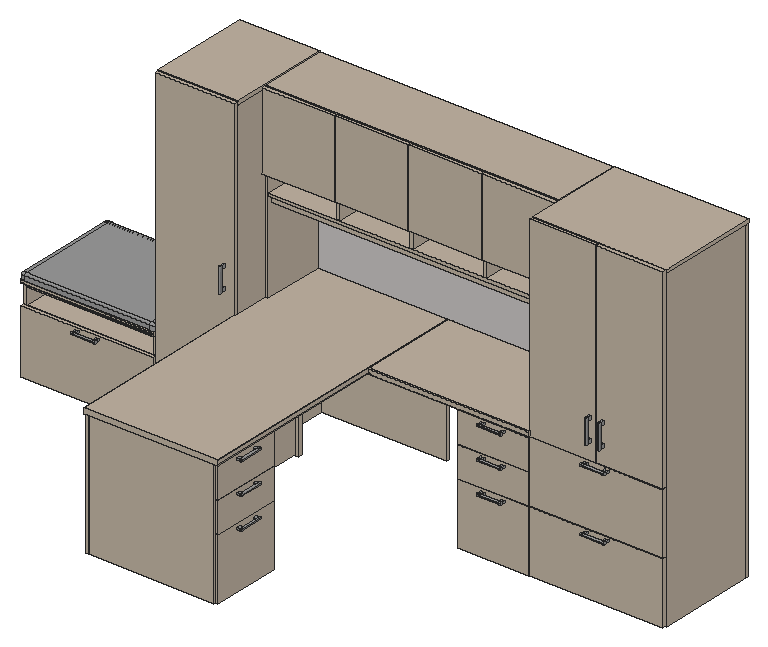
Revit family "JSI-Vision-Typical_Laminate-VST103", category Furniture, Revit 2020
Family settings
  OmniClass Number = 23.40.20.00
  OmniClass Title = General Furniture and Specialties
  Work Plane-Based = No
  Always vertical = Yes
  Cut with Voids When Loaded = No
  Shared = No
  Room Calculation Point = No
Parameters (values of type "VST103")
  URL = "www.jsifurniture.com"
  Type Comments = "Typical Laminate"  # constant formula
  Model = "VST103"
  Manufacturer = "JSI"  # constant formula
  Keynote = "12500"
  Default Elevation = 0.000 ft
  Assembly Code = "E2020200"
Reference planes (ft)
  plane 1 "Center Front/Back": y = 0
  plane 2: z = 0
  plane 3 "Center Left/Right": x = 0
Dimensions and locks (ft)
  aligned and locked: level to plane 2
Nested families (ft)
  nested 1: "JSI-Vision-Wardrobe" at (2.500317, 0, 0), type "VST2418-72WL, Laminate 72" H Wdrb 24" x 30" - 1 Door"
    with Vertical Partition no, Top-Right Shelve no, Width 1.500 ft, Unit Centre 0.744792 ft, Shelve Width 0.651042 ft, Right surface Dist. to Vertical Partition 0.0625 ft, Right Door no, Pull Distance 1.270833 ft, Left Shelves no, Height 6.000 ft, Hanging Bar Distance 0.5625 ft, Door Width 1.479167 ft, Bottom-Right Shelves yes, Adjustable Shelves Array Distance 1.1625 ft, Actual Width 1.489583 ft, Actual Height 5.973958 ft, # of Adjustable Shelves 4
  nested 2: "JSI-Vision-Bench_Height_Cushion" at (0.000317, 0, 0.008592), type "VSB2430CUSH, 24d Bench H Cushion, 30 W"
    with Width 2.500 ft
  nested 3: "JSI-Vision-Tackboard_Overhead_with_Cubbies" at (3.989901, 0.026042, -0.380208), type "VSB6620TKC, Tackboard for Overhead Front with Cubbies"
    with Width 5.34375 ft, Height 1.625 ft
  nested 4: "JSI-Vision-Modular_Box_Box_File_Pedestal" at (8.146484, -0.022125, 0), type "VST1624MBBF, Laminate Modular BBF Ped"
    with Ped Width 1.333 ft, Ped Height 2.333 ft, Ped Depth 2.000 ft
  nested 5: "JSI-Vision-Overhead_Cabinets_with_Cubbies" at (3.984692, 0, -0.067708), type "VST1666SOC, Laminate OH Cab. 16" x 66", 4 Doors w Cub"
    with Verticall Partition Distance 2.734375 ft, Unit Centre 2.750 ft, Width 5.500 ft, Door Width Actual 1.359375 ft, Door Array Spacing 1.369792 ft, Door Width 1.359375 ft, Bottom Partition Array Start Distance 1.364583 ft, Bottom Partition Array Space 1.333333 ft, Bottom Partition Array Distance 1.369792 ft, # of bottom Partition 3, # of Doors 4
  nested 6: "JSI-Vision-File_File_Lateral_Storage_Cabinet" at (9.489901, 0, 0), type "VST2430-72FFT, Laminate 72" H Lat File Strg Cab 24" x 30""
    with Width 2.500 ft, Unit Centre 1.250 ft, Shelve Width 2.375 ft, Drawer Pull Distance(Right) 0.619792 ft, Drawer Pull Distance(Left) 0.619792 ft, Height 6.000 ft, Door Width 1.239583 ft, Adjustable Shelves Array Distance 1.199653 ft, Actual Height 5.973958 ft, # of Adjustable Shelves 3
  nested 7: "JSI-Vision-Single_Pedestal_Desk-Break_Front_Modesty" at (4.885734, -2.505072, 0) x (0, 1, 0) z (0, 0, 1), type "VST3066LD, Laminate 30 x 66 Left Ped Desk, Brk Frnt Modesty"
    with Height 2.43225 ft
  nested 8: "JSI-Vision-Modular_Bridge_Top" at (9.495245, -0.90625, -0.067708), type "VST3624MCT, Laminate 36 x 24 Modular Return/ Bridge Top"
    with Depth 2.000 ft
  nested 9: "JSI-Vision-Open_Shelf_File_Modular_Bench_Pedestal" at (0.000317, -0.010417, 0), type "VSTB2430MOF, Laminate OF Modular Bench H Ped"
    with Width 2.500 ft, Height 1.562 ft, Depth 2.000 ft
  nested 10: "JSI-Vision-Bench_Height_Modular_Top" at (0.000317, -0.010417, -0.053908), type "VSTB2430MT, Laminate Mod Bench H Top, 24" x 30""
    with Width 2.500 ft, Depth 2.000 ft
  nested 11: "JSI-Vision-Modular_Full_Height_Back_Modular_Pedestal" at (8.156901, -0.010417, 0), type "VST1628MPBK, Modular Full Height Back Panel for Modular Pedestal- Laminate"
Definition of nested family "JSI-Vision-Wardrobe"
  Parameters (values of type "Type Catalog")
    Vertical Partition = yes
    Top-Right Shelve = yes
    Top = none
    Width = 3.000 ft
    Unit Centre = Actual Width / 2  # 1.494792 ft
    URL = "www.jsifurniture.com"
    Type Comments = ""
    Tag = "Storage/Wardrobe"
    Shelve Width = (Actual Width - 0.1875 ft) / 2  # 1.401042 ft
    Shelve Depth = Depth - 0.234375 ft  # 1.765625 ft
    Series = "Vision Casegoods"  # constant formula
    Right surface Dist. to Vertical Partition = if(Vertical Partition, (Unit Centre + 0.03125 ft), 0.0625 ft)  # 1.526042 ft
    Right Door = yes
    Pull Finish = none
    Pull Distance = Door Width - 0.208333 ft  # 1.276042 ft
    Model = "Type Catalog"
    Material = ""
    Manufacturer = "JSI"  # constant formula
    Left Shelves = yes
    Left Door = yes
    Keynote = "12500"
    JSI Enviromental Website = "http://www.jsifurniture.com/jsi_sustainability_intro.php"
    Height = 7.000 ft
    Hanging Bar Distance = if(Height > 6.000 ft, (Adjustable Shelves Array Distance + 0.5625 ft), 0.5625 ft)  # 1.697917 ft
    Door Width = if(Vertical Partition, ((Actual Width - (0.020833 ft)) / 2), (Actual Width - 0.010417 ft))  # 1.484375 ft
    Door Front = none
    Description = "Type Catalog"
    Depth = 2.000 ft
    Default Elevation = 0.000 ft
    Chassis = none
    Bottom-Right Shelves = no
    Assembly Code = "E2020200"
    Adjustable Shelves Array Distance = (Actual Height - 0.161458 ft) / (# of Adjustable Shelves + 1)  # 1.135417 ft
    Actual Width = Width - 0.010417 ft  # 2.989583 ft
    Actual Height = if(Height > 4.500 ft, (Height - 0.026042 ft), (if(Height > 3.500 ft, (Height + 0.09375 ft), if(Height > 2.500 ft, (Height - 0.03125 ft), (Height - 0.067708 ft)))))  # 6.973958 ft
    # of Adjustable Shelves = if(Height > 6.000 ft, 5, 4)  # 5
  Reference planes (ft)
    plane 1 "Center Front/Back": y = 0
    plane 2: z = 0
    plane 3 "Center Left/Right": x = 0
    plane 4: z = 0
    plane 5: x = 2.989583
    plane 6: y = -0.010417
    plane 7: y = -1.916667
    plane 8: z = 6.973958
    plane 9: y = -0.072917
    plane 10: y = -1.901042
    plane 11: y = -1.838542
    plane 12: x = 0.0625
    plane 13: x = 2.927083
    plane 14: z = 0.098958
    plane 15: z = 0.161458
    plane 16: z = 6.911458
    plane 17: z = 6.942708
    plane 18: z = 1.265625
    plane 19: z = 2.401042
    plane 20: z = 3.536458
    plane 21: z = 4.671875
    plane 22: z = 5.807292
    plane 23: z = 5.838542
    plane 24: z = 5.776042
    plane 25: z = 4.703125
    plane 26: z = 4.640625
    plane 27: z = 3.567708
    plane 28: z = 3.505208
    plane 29: z = 2.432292
    plane 30: z = 2.369792
    plane 31: z = 1.296875
    plane 32: z = 1.234375
    plane 33: x = 1.494792
    plane 34: x = 0.005208
    plane 35: x = 2.984375
    plane 36: x = 1.5
    plane 37: x = 1.489583
    plane 38: z = 0.010417
    plane 39: y = -1.927083
    plane 40: y = -1.989583
    plane 41: z = 0.130208
    plane 42: x = 1.526042
    plane 43: x = 1.463542
    plane 44: y = -2
    plane 45: z = 6.96875
    plane 46: z = 5.276042
    plane 47: y = -0.963542
    plane 48: z = 3.486979
    plane 49: x = 1.708333
    plane 50: x = 1.28125
    plane 51: z = 1.692708
    plane 52: z = 1.630208
    plane 53: x = 1.526042
  Forms (ft)
    Extrusion 1, solid, material <- "Chassis"
      sketch origin (0, 0, 0) x (1, 0, 0) y (0, 1, 0)
        loop
          line (0, -0.010417) -> (0, -0.072917) -> (2.989583, -0.072917) -> (2.989583, -0.010417) -> (0, -0.010417)
      from 0 to 6.911458
    Extrusion 2, solid, material <- "Chassis"
      sketch origin (0, 0, 0) x (1, 0, 0) y (0, 1, 0)
        loop
          line (0, -0.072917) -> (0, -1.916667) -> (0.0625, -1.916667) -> (0.0625, -0.072917) -> (0, -0.072917)
      from 0 to 6.911458
    Extrusion 3, solid, material <- "Chassis"
      sketch origin (0, 0, 0) x (1, 0, 0) y (0, 1, 0)
        loop
          line (2.927083, -0.072917) -> (2.927083, -1.916667) -> (2.989583, -1.916667) -> (2.989583, -0.072917) -> (2.927083, -0.072917)
      from 0 to 6.911458
    Extrusion 4, solid, material <- "Top"
      sketch origin (0, 0, 0) x (0, 1, 0) y (0, 0, 1)
        loop
          line (-0.010417, 6.973958) -> (-1.916667, 6.973958) -> (-1.916667, 6.911458) -> (-0.010417, 6.911458) -> (-0.010417, 6.973958)
      from 0 to 2.989583
    Extrusion 5, solid, material <- "Chassis"
      sketch origin (0, 0, 0) x (0, 1, 0) y (0, 0, 1)
        loop
          line (-0.072917, 0.161458) -> (-1.838542, 0.161458) -> (-1.838542, 0.098958) -> (-0.072917, 0.098958) -> (-0.072917, 0.161458)
      from 0.0625 to 2.927083
    Extrusion 6, solid, material <- "Chassis"
      sketch origin (0, 0, 0) x (0, 1, 0) y (0, 0, 1)
        loop
          line (-1.838542, 0.161458) -> (-1.901042, 0.161458) -> (-1.901042, 0) -> (-1.838542, 0) -> (-1.838542, 0.161458)
      from 0.0625 to 2.927083
    Extrusion 7, solid, material <- "Door Front", visible <- "Left Door"
      sketch origin (0, 0, 0) x (1, 0, 0) y (0, 1, 0)
        loop
          line (0.005208, -1.927083) -> (0.005208, -1.989583) -> (1.489583, -1.989583) -> (1.489583, -1.927083) -> (0.005208, -1.927083)
      from 0.010417 to 6.96875
    Extrusion 8, solid, material <- "Door Front", visible <- "Right Door"
      sketch origin (0, 0, 0) x (1, 0, 0) y (0, 1, 0)
        loop
          line (1.5, -1.927083) -> (1.5, -1.989583) -> (2.984375, -1.989583) -> (2.984375, -1.927083) -> (1.5, -1.927083)
      from 0.010417 to 6.96875
    Extrusion 9, solid, material <- "Chassis", visible <- "Vertical Partition"
      sketch origin (0, 0, 0) x (1, 0, 0) y (0, 1, 0)
        loop
          line (1.463542, -0.072917) -> (1.463542, -1.916667) -> (1.526042, -1.916667) -> (1.526042, -0.072917) -> (1.463542, -0.072917)
      from 0.161458 to 6.911458
    Extrusion 10, solid, material <- "Chassis", visible <- "Left Shelves"
      sketch origin (0, 0, 0) x (0, 1, 0) y (0, 0, 1)
        loop
          line (-0.072917, 1.296875) -> (-1.838542, 1.296875) -> (-1.838542, 1.234375) -> (-0.072917, 1.234375) -> (-0.072917, 1.296875)
      from 0.0625 to 1.463542
    Extrusion 11, solid, material <- "Chassis", visible <- "Top-Right Shelve"
      sketch origin (0, 0, 0) x (0, 1, 0) y (0, 0, 1)
        loop
          line (-0.072917, 5.838542) -> (-1.838542, 5.838542) -> (-1.838542, 5.776042) -> (-0.072917, 5.776042) -> (-0.072917, 5.838542)
      from 1.526042 to 2.927083
    Extrusion 12, solid, material <- "Pull Finish"
      sketch origin (0, 0, 0) x (0, 1, 0) y (0, 0, 1)
        loop
          circle (-0.963542, 5.276042) r 0.041667
      from 1.526042 to 2.927083
    Extrusion 13, solid, material <- "Chassis", visible <- "Left Shelves"
      sketch origin (0, 0, 1.135417) x (0, 1, 0) y (0, 0, 1)
        loop
          line (-0.072917, 1.296875) -> (-1.838542, 1.296875) -> (-1.838542, 1.234375) -> (-0.072917, 1.234375) -> (-0.072917, 1.296875)
      from 0.0625 to 1.463542
    Extrusion 14, solid, material <- "Chassis", visible <- "Left Shelves"
      sketch origin (0, 0, 2.270833) x (0, 1, 0) y (0, 0, 1)
        loop
          line (-0.072917, 1.296875) -> (-1.838542, 1.296875) -> (-1.838542, 1.234375) -> (-0.072917, 1.234375) -> (-0.072917, 1.296875)
      from 0.0625 to 1.463542
    Extrusion 15, solid, material <- "Chassis", visible <- "Left Shelves"
      sketch origin (0, 0, 3.40625) x (0, 1, 0) y (0, 0, 1)
        loop
          line (-0.072917, 1.296875) -> (-1.838542, 1.296875) -> (-1.838542, 1.234375) -> (-0.072917, 1.234375) -> (-0.072917, 1.296875)
      from 0.0625 to 1.463542
    Extrusion 16, solid, material <- "Chassis", visible <- "Bottom-Right Shelves"
      sketch origin (0, 0, 0) x (0, 1, 0) y (0, 0, 1)
        loop
          line (-1.838542, 2.432292) -> (-1.838542, 2.369792) -> (-0.072917, 2.369792) -> (-0.072917, 2.432292) -> (-1.838542, 2.432292)
      from 1.526042 to 2.927083
    Extrusion 17, solid, material <- "Chassis", visible <- "Bottom-Right Shelves"
      sketch origin (0, 0, 0) x (0, 1, 0) y (0, 0, 1)
        loop
          line (-1.838542, 1.692708) -> (-1.838542, 1.630208) -> (-0.072917, 1.630208) -> (-0.072917, 1.692708) -> (-1.838542, 1.692708)
      from 1.526042 to 2.927083
    Extrusion 18, solid, material <- "Chassis", visible <- "Left Shelves"
      sketch origin (0, 0, 4.541667) x (0, 1, 0) y (0, 0, 1)
        loop
          line (-0.072917, 1.296875) -> (-1.838542, 1.296875) -> (-1.838542, 1.234375) -> (-0.072917, 1.234375) -> (-0.072917, 1.296875)
      from 0.0625 to 1.463542
  Lines and regions (ft)
    symbolic lines
      curve 1: line (2.989583, -0.010417, 0) -> (0, -0.010417, 0)
      curve 2: line (0, -0.010417, 0) -> (0, -1.916667, 0)
      curve 3: line (2.989583, -1.916667, 0) -> (2.989583, -0.010417, 0)
      curve 4: line (0, -1.916667, 0) -> (2.989583, -1.916667, 0)
      curve 5: line (1.489583, -1.989583, 0) -> (1.489583, -1.927083, 0)
      curve 6: line (0.005208, -1.989583, 0) -> (1.489583, -1.989583, 0)
      curve 7: line (1.489583, -1.927083, 0) -> (0.005208, -1.927083, 0)
      curve 8: line (0.005208, -1.927083, 0) -> (0.005208, -1.989583, 0)
      curve 9: line (2.984375, -1.927083, 1.692708) -> (1.5, -1.927083, 1.692708)
      curve 10: line (1.5, -1.989583, 1.692708) -> (2.984375, -1.989583, 1.692708)
      curve 11: line (1.5, -1.927083, 1.692708) -> (1.5, -1.989583, 1.692708)
      curve 12: line (2.984375, -1.989583, 1.692708) -> (2.984375, -1.927083, 1.692708)
  Dimensions and locks (ft)
    locked: plane 6 to plane 1 "Center Front/Back" at 0.010417
    plane 7 to plane 10 to plane 11 = 0.015625 ft locked, 0.0625 ft locked
    locked: plane 3 "Center Left/Right" to plane 12 at 0.0625
    locked: plane 13 to plane 5 at 0.0625
    plane 15 to plane 14 to plane 4 = 0.0625 ft locked, 0.098958 ft locked
    locked: plane 8 to plane 16 at 0.0625
    locked: plane 17 to plane 16 at 0.03125
    plane 23 to plane 22 to plane 24 = 0.03125 ft locked, 0.03125 ft locked
    plane 25 to plane 21 to plane 26 = 0.03125 ft locked, 0.03125 ft locked
    plane 27 to plane 20 to plane 28 = 0.03125 ft locked, 0.03125 ft locked
    plane 29 to plane 19 to plane 30 = 0.03125 ft locked, 0.03125 ft locked
    plane 31 to plane 18 to plane 32 = 0.03125 ft locked, 0.03125 ft locked
    "Actual Width": plane 3 "Center Left/Right" to plane 5
    "Unit Centre": plane 3 "Center Left/Right" to plane 33
    "Actual Height": plane 8 to plane 4
    locked: plane 3 "Center Left/Right" to plane 34 at 0.005208
    locked: plane 35 to plane 5 at 0.005208
    plane 40 to plane 39 to plane 7 = 0.0625 ft locked, 0.010417 ft locked
    "Door Width": plane 34 to plane 37
    "Door Width": plane 36 to plane 35
    locked: plane 15 to plane 41 at 0.03125
    plane 43 to plane 33 to plane 42 = 0.03125 ft locked, 0.03125 ft locked
    "Depth": plane 44 to plane 1 "Center Front/Back"
    locked: plane 44 to plane 40 at 0.010417
    "Adjustable Shelves Array Distance": Extrusion 10 to plane 15
    locked: plane 8 to plane 45 at 0.005208
    "Adjustable Shelves Array Distance": plane 17 to plane 22
    equal spacing: plane 6, plane 47, plane 7
    equal spacing: plane 8, plane 48, plane 4
    "Shelve Depth": Extrusion 10 sketch curve to Extrusion 10 sketch curve
    "Shelve Depth": Extrusion 13 sketch curve to Extrusion 13 sketch curve
    equal spacing: group 1, group 2, group 3, group 4, group 5  (x3)
    "Shelve Width": Extrusion 10 to Extrusion 10
    "Shelve Depth": Extrusion 14 sketch curve to Extrusion 14 sketch curve
    "Shelve Width": Extrusion 14 to Extrusion 14
    "Shelve Depth": Extrusion 15 sketch curve to Extrusion 15 sketch curve
    "Shelve Width": Extrusion 15 to Extrusion 15
    "Shelve Width": Extrusion 13 to Extrusion 13
    "Hanging Bar Distance": plane 8 to plane 46
    "Adjustable Shelves Array Distance": Extrusion 13 to Extrusion 10
    plane 30 to plane 51 to plane 52 = 0.677083 ft locked, 0.0625 ft locked
    "Pull Distance": plane 49 to plane 35
    "Pull Distance": plane 34 to plane 50
    "Right surface Dist. to Vertical Partition": plane 53 to plane 3 "Center Left/Right"
    "Shelve Depth": Extrusion 18 sketch curve to Extrusion 18 sketch curve
    "Shelve Width": Extrusion 18 to Extrusion 18
    locked: plane 38 to plane 4 at 0.010417
    radius of Extrusion 12 sketch curve = 0.041667 ft
    aligned and locked: level to plane 2
    aligned and locked: plane 6 to Extrusion 1 sketch curve
    aligned and locked: Extrusion 1 sketch curve to plane 9
    aligned and locked: Extrusion 1 sketch curve to plane 5
    aligned and locked: plane 3 "Center Left/Right" to Extrusion 1 sketch curve
    aligned and locked: Extrusion 1 to plane 4
    aligned and locked: plane 16 to Extrusion 1
    aligned and locked: plane 3 "Center Left/Right" to Extrusion 2 sketch curve
    aligned and locked: Extrusion 2 sketch curve to plane 12
    aligned and locked: Extrusion 2 sketch curve to plane 7
    aligned and locked: plane 9 to Extrusion 2 sketch curve
    aligned and locked: plane 13 to Extrusion 3 sketch curve
    aligned and locked: Extrusion 3 sketch curve to plane 5
    aligned and locked: Extrusion 3 sketch curve to plane 7
    aligned and locked: plane 9 to Extrusion 3 sketch curve
    aligned and locked: Extrusion 2 to plane 4
    aligned and locked: Extrusion 3 to plane 4
    aligned and locked: plane 16 to Extrusion 2
    aligned and locked: plane 16 to Extrusion 3
    aligned and locked: plane 16 to Extrusion 4 sketch curve
    aligned and locked: Extrusion 4 sketch curve to plane 8
    aligned and locked: plane 6 to Extrusion 4 sketch curve
    aligned and locked: Extrusion 4 sketch curve to plane 7
    aligned and locked: Extrusion 4 to plane 3 "Center Left/Right"
    aligned and locked: plane 5 to Extrusion 4
    aligned and locked: Extrusion 5 sketch curve to plane 11
    aligned and locked: plane 14 to Extrusion 5 sketch curve
    aligned and locked: Extrusion 5 sketch curve to plane 15
    aligned and locked: plane 9 to Extrusion 5 sketch curve
    aligned and locked: Extrusion 5 to plane 12
    aligned and locked: plane 13 to Extrusion 5
    aligned and locked: plane 11 to Extrusion 6 sketch curve
    aligned and locked: Extrusion 6 sketch curve to plane 10
    aligned and locked: plane 4 to Extrusion 6 sketch curve
    aligned and locked: Extrusion 6 sketch curve to plane 15
    aligned and locked: Extrusion 6 to plane 12
    aligned and locked: plane 13 to Extrusion 6
    aligned and locked: level to plane 4
    aligned and locked: plane 33 to nested 1
    aligned and locked: plane 40 to nested 1
    aligned and locked: plane 39 to Extrusion 7 sketch curve
    aligned and locked: Extrusion 7 sketch curve to plane 40
    aligned and locked: Extrusion 7 sketch curve to plane 37
    aligned and locked: plane 34 to Extrusion 7 sketch curve
    aligned and locked: plane 39 to Extrusion 8 sketch curve
    aligned and locked: Extrusion 8 sketch curve to plane 40
    aligned and locked: Extrusion 8 sketch curve to plane 35
    aligned and locked: plane 36 to Extrusion 8 sketch curve
    aligned and locked: Extrusion 7 to plane 38
    aligned and locked: Extrusion 8 to plane 38
    aligned and locked: plane 43 to Extrusion 9 sketch curve
    aligned and locked: Extrusion 9 sketch curve to plane 42
    aligned and locked: plane 9 to Extrusion 9 sketch curve
    aligned and locked: Extrusion 9 sketch curve to plane 7
    aligned and locked: Extrusion 9 to plane 15
    aligned and locked: plane 16 to Extrusion 9
    aligned and locked: plane 45 to Extrusion 7
    aligned and locked: plane 45 to Extrusion 8
    aligned and locked: Extrusion 11 sketch curve to plane 23
    aligned and locked: plane 24 to Extrusion 11 sketch curve
    aligned and locked: plane 9 to Extrusion 11 sketch curve
    aligned and locked: Extrusion 11 sketch curve to plane 11
    aligned and locked: plane 13 to Extrusion 11
    aligned and locked: plane 13 to Extrusion 12
    aligned and locked: Extrusion 10 to plane 9
    aligned and locked: plane 50 to nested 3
    aligned and locked: plane 49 to nested 2
    aligned and locked: plane 48 to nested 3
    aligned and locked: plane 48 to nested 2
    aligned and locked: plane 43 to Extrusion 10
    aligned and locked: plane 43 to Extrusion 13
    aligned and locked: Extrusion 13 to plane 9
    aligned and locked: plane 40 to nested 3
    aligned and locked: plane 40 to nested 2
    aligned and locked: Extrusion 16 sketch curve to plane 29
    aligned and locked: plane 30 to Extrusion 16 sketch curve
    aligned and locked: plane 9 to Extrusion 16 sketch curve
    aligned and locked: Extrusion 16 sketch curve to plane 11
    aligned and locked: plane 13 to Extrusion 16
    aligned and locked: Extrusion 17 sketch curve to plane 51
    aligned and locked: plane 52 to Extrusion 17 sketch curve
    aligned and locked: Extrusion 17 sketch curve to plane 11
    aligned and locked: plane 9 to Extrusion 17 sketch curve
    aligned and locked: plane 13 to Extrusion 17
    aligned and locked: plane 53 to Extrusion 12
    aligned and locked: plane 53 to Extrusion 11
    aligned and locked: plane 53 to Extrusion 17
    aligned and locked: plane 53 to Extrusion 16
    aligned and locked: curve 1 to Extrusion 4
    aligned and locked: curve 2 to Extrusion 4
    aligned and locked: curve 3 to Extrusion 4
    aligned and locked: curve 4 to Extrusion 4
    aligned and locked: curve 5 to Extrusion 7
    aligned and locked: curve 6 to Extrusion 7
    aligned and locked: curve 7 to Extrusion 7
    aligned and locked: curve 8 to Extrusion 7
    aligned and locked: curve 9 to Extrusion 8
    aligned and locked: curve 10 to Extrusion 8
    aligned and locked: curve 11 to Extrusion 8
    aligned and locked: curve 12 to Extrusion 8
  Automatic sketch dimensions
    Extrusion 12 sketch curve to plane 46 = 0.000 ft
    Extrusion 12 sketch curve to plane 47 = 0.000 ft
    Extrusion 10 sketch curve to Extrusion 10 sketch curve = 0.0625 ft
    Extrusion 13 sketch curve to Extrusion 13 sketch curve = 0.0625 ft
    Extrusion 14 sketch curve to Extrusion 14 sketch curve = 0.0625 ft
    Extrusion 15 sketch curve to Extrusion 15 sketch curve = 0.0625 ft
    Extrusion 18 sketch curve to Extrusion 18 sketch curve = 0.0625 ft
  Nested families (ft)
    nested 1: "Label 1-16 OH" at (1.494792, -1.989583, 0), type "OH DOORS"
    nested 2: "Vertical Bar Pull" at (1.708333, -1.989583, 3.486979), Pull Finish <- "Pull Finish", visible <- "Right Door", type "PL"
      with Pull Finish none
    nested 3: "Vertical Bar Pull" at (1.28125, -1.989583, 3.486979), Pull Finish <- "Pull Finish", visible <- "Left Door", type "PL"
      with Pull Finish none
  Definition of nested family "Vertical Bar Pull"
    Parameters
      Pull Finish [instance] = none
      Default Elevation = 0.000 ft
    Reference planes (ft)
      plane 1 "Center Front/Back": y = 0
      plane 2: z = 0
      plane 3 "Center Left/Right": x = 0
      plane 4: x = -0.223942
      plane 5: x = -0.157276
      plane 6: x = 0.223942
      plane 7: x = 0.157276
      plane 8: y = -0.083333
      plane 9: y = -0.071002
      plane 10: z = 0.223942
      plane 11: z = 0.157276
      plane 12: z = -0.157276
      plane 13: z = -0.223942
    Forms (ft)
      Extrusion 1, solid, material <- "Pull Finish"
        sketch origin (0, 0, 0) x (0, 1, 0) y (-1, 0, 0)
          loop
            line (0, -0.016792) -> (0, 0.016792) -> (-0.071002, 0.016792)
            arc (-0.071002, 0.016792) -> (-0.0625, 0) -> (-0.071002, -0.016792) r 0.020833
            line (-0.071002, -0.016792) -> (0, -0.016792)
        from 0.157276 to 0.223942
      Extrusion 2, solid, material <- "Pull Finish"
        sketch origin (0, 0, 0) x (0, 1, 0) y (-1, 0, 0)
          loop
            circle (-0.083333, 0) r 0.020833
        from -0.223942 to 0.223942
      Extrusion 3, solid, material <- "Pull Finish"
        sketch origin (0, 0, 0) x (1, 0, 0) y (0, 1, 0)
          loop
            line (0.016792, 0) -> (-0.016792, 0) -> (-0.016792, -0.071002)
            arc (-0.016792, -0.071002) -> (0, -0.0625) -> (0.016792, -0.071002) r 0.020833
            line (0.016792, -0.071002) -> (0.016792, 0)
        from 0.157276 to 0.223942
      Extrusion 4, solid, material <- "Pull Finish"
        sketch origin (0, 0, -0.381218) x (1, 0, 0) y (0, 1, 0)
          loop
            line (0.016792, 0) -> (-0.016792, 0) -> (-0.016792, -0.071002)
            arc (-0.016792, -0.071002) -> (0, -0.0625) -> (0.016792, -0.071002) r 0.020833
            line (0.016792, -0.071002) -> (0.016792, 0)
        from 0.157276 to 0.223942
    Dimensions and locks (ft)
      plane 4 to plane 5 to plane 3 "Center Left/Right" to plane 7 to plane 6 = 0.066667 ft locked, 0.157276 ft locked, 0.157276 ft locked, 0.066667 ft locked
      plane 8 to plane 9 to plane 1 "Center Front/Back" = 0.012332 ft locked, 0.071002 ft locked
      plane 13 to plane 12 to plane 2 to plane 11 to plane 10 = 0.066667 ft locked, 0.157276 ft locked, 0.157276 ft locked, 0.066667 ft locked
      plane 1 "Center Front/Back" to plane 9 to plane 8 = 0.071002 ft locked, 0.012332 ft locked
      aligned and locked: level to plane 2
      aligned and locked: plane 8 to Extrusion 2 sketch curve
      aligned and locked: Extrusion 3 to plane 1 "Center Front/Back"
      aligned and locked: Extrusion 1 to plane 1 "Center Front/Back"
      aligned and locked: Extrusion 4 to plane 1 "Center Front/Back"
      aligned and locked: Extrusion 3 to plane 10
      aligned and locked: Extrusion 3 to plane 11
      aligned and locked: Extrusion 2 to plane 10
      aligned and locked: Extrusion 2 to plane 13
      aligned and locked: Extrusion 4 to plane 13
      aligned and locked: Extrusion 4 to plane 12
      aligned and locked: plane 1 "Center Front/Back" to Extrusion 4
      aligned and locked: plane 1 "Center Front/Back" to Extrusion 3
      aligned and locked: Extrusion 4 to plane 9
      aligned and locked: Extrusion 3 to plane 9
  Definition of nested family "Label 1-16 OH"
    Parameters
      Width = 0.083333 ft
      Model Name = "Storage/Wardrobe"
    Reference planes (ft)
      plane 1: y = 0
      plane 2: x = 0
    Text (ft)
      label "XX" at (0.000042, -0.01027, 0), shows "Model Name"
Definition of nested family "JSI-Vision-Bench_Height_Cushion"
  Parameters (values of type "Type Catalog")
    Width = 3.000 ft
    URL = "www.jsifurniture.com"
    Type Comments = ""
    Series = "Vision Casegoods"  # constant formula
    Model = "Type Catalog"
    Material = ""
    Manufacturer = "JSI"  # constant formula
    Keynote = "12500"
    JSI Enviromental Website = "http://www.jsifurniture.com/jsi_sustainability_intro.php"
    Height = 0.125 ft
    Description = "Type Catalog"
    Depth = 2.000 ft
    Default Elevation = 0.000 ft
    Cushion Finish = none
    Bench Height = 1.625 ft
    Assembly Code = "E2020200"
  Reference planes (ft)
    plane 1 "Center Front/Back": y = 0
    plane 2: z = 0
    plane 3 "Center Left/Right": x = 0
    plane 4: z = 0
    plane 5: z = 1.625
    plane 6: z = 1.75
    plane 7: z = 1.71875
    plane 8: x = 3
    plane 9: y = -2
  Forms (ft)
    Sweep 1, solid, material <- "Cushion Finish"
      path origin (0.625, 4.290084, 4.09375) x (0, 1, 0) y (0, 0, 1)
        loop
          line (-4.290084, -2.46875) -> (-4.290084, -2.380208)
          arc (-4.290084, -2.380208) -> (-4.300762, -2.354428) -> (-4.326542, -2.34375) r 0.036458
          line (-4.326542, -2.34375) -> (-6.253625, -2.34375)
          arc (-6.253625, -2.34375) -> (-6.279405, -2.354428) -> (-6.290084, -2.380208) r 0.036458
          line (-6.290084, -2.380208) -> (-6.290084, -2.46875)
      profile origin (0.625, -1, 1.75) x (0, 0, -1) y (1, 0, 0)
        loop
          line (0.03125, -0.625) -> (0.03125, 2.375)
          spline (0.03125, 2.375) -> (0.027171, 2.374287) -> (0.023162, 2.37216) -> (0.019291, 2.368657) -> (0.015625, 2.363835) -> (0.012226, 2.357779) -> (0.009153, 2.350592) -> (0.006458, 2.342397) -> (0.004187, 2.333333) -> (0.002379, 2.323557) -> (0.001065, 2.313235) -> (0.000267, 2.302544) -> (0, 2.291667)
          line (0, 2.291667) -> (0, -0.541667)
          spline (0, -0.541667) -> (0.000267, -0.552544) -> (0.001065, -0.563235) -> (0.002379, -0.573557) -> (0.004187, -0.583333) -> (0.006458, -0.592397) -> (0.009153, -0.600592) -> (0.012226, -0.607779) -> (0.015625, -0.613835) -> (0.019291, -0.618657) -> (0.023162, -0.62216) -> (0.027171, -0.624287) -> (0.03125, -0.625)
    Extrusion 2, solid, material <- "Cushion Finish"
      sketch origin (0.625, 4.290084, 4.09375) x (0, 1, 0) y (0, 0, 1)
        loop
          line (-4.321334, -2.46875) -> (-4.321334, -2.380208)
          arc (-4.321334, -2.380208) -> (-4.322859, -2.376525) -> (-4.326542, -2.375) r 0.005208
          line (-4.326542, -2.375) -> (-6.253625, -2.375)
          arc (-6.253625, -2.375) -> (-6.257308, -2.376525) -> (-6.258834, -2.380208) r 0.005208
          line (-6.258834, -2.380208) -> (-6.258834, -2.46875) -> (-4.321334, -2.46875)
      from -0.625 to 2.375
  Lines and regions (ft)
    symbolic lines
      curve 1: line (3, -0.03125, 0) -> (3, -1.96875, 0)
      curve 2: line (2.916667, -2, 0) -> (0.083333, -2, 0)
      curve 3: spline (0, -1.96875, 0) -> (0.000713, -1.972829, 0) -> (0.00284, -1.976838, 0) -> (0.006343, -1.980709, 0) -> (0.011165, -1.984375, 0) -> (0.017221, -1.987774, 0) -> (0.024408, -1.990847, 0) -> (0.032603, -1.993542, 0) -> (0.041667, -1.995813, 0) -> (0.051443, -1.997621, 0) -> (0.061765, -1.998935, 0) -> (0.072456, -1.999733, 0) -> (0.083333, -2, 0)
      curve 4: spline (3, -1.96875, 0) -> (2.999287, -1.972829, 0) -> (2.99716, -1.976838, 0) -> (2.993657, -1.980709, 0) -> (2.988835, -1.984375, 0) -> (2.982779, -1.987774, 0) -> (2.975592, -1.990847, 0) -> (2.967397, -1.993542, 0) -> (2.958333, -1.995813, 0) -> (2.948557, -1.997621, 0) -> (2.938235, -1.998935, 0) -> (2.927544, -1.999733, 0) -> (2.916667, -2, 0)
      curve 5: line (0.083333, 0, 0) -> (2.916667, 0, 0)
      curve 6: spline (3, -0.03125, 0) -> (2.999287, -0.027171, 0) -> (2.99716, -0.023162, 0) -> (2.993657, -0.019291, 0) -> (2.988835, -0.015625, 0) -> (2.982779, -0.012226, 0) -> (2.975592, -0.009153, 0) -> (2.967397, -0.006458, 0) -> (2.958333, -0.004187, 0) -> (2.948557, -0.002379, 0) -> (2.938235, -0.001065, 0) -> (2.927544, -0.000267, 0) -> (2.916667, 0, 0)
      curve 7: spline (0, -0.03125, 0) -> (0.000713, -0.027171, 0) -> (0.00284, -0.023162, 0) -> (0.006343, -0.019291, 0) -> (0.011165, -0.015625, 0) -> (0.017221, -0.012226, 0) -> (0.024408, -0.009153, 0) -> (0.032603, -0.006458, 0) -> (0.041667, -0.004187, 0) -> (0.051443, -0.002379, 0) -> (0.061765, -0.001065, 0) -> (0.072456, -0.000267, 0) -> (0.083333, 0, 0)
      curve 8: line (0, -0.03125, 0) -> (0, -1.96875, 0)
  Dimensions and locks (ft)
    "Height": plane 6 to plane 5
    locked: plane 7 to plane 5 at 0.09375
    "Bench Height": plane 5 to level
    "Width": plane 3 "Center Left/Right" to plane 8
    "Depth": plane 1 "Center Front/Back" to plane 9
    locked: Sweep 1 sketch curve to plane 3 "Center Left/Right" at 0.083333
    locked: Sweep 1 sketch curve to plane 8 at 0.083333
    aligned and locked: level to plane 2
    aligned and locked: level to plane 4
    aligned and locked: Sweep 1 to plane 5
    aligned and locked: Extrusion 2 to Sweep 1  (x3)
    aligned and locked: Extrusion 2 to plane 3 "Center Left/Right"
    aligned and locked: Extrusion 2 to plane 8
    aligned and locked: plane 1 "Center Front/Back" to Sweep 1 sketch curve
    aligned and locked: plane 9 to Sweep 1 sketch curve
    aligned and locked: Sweep 1 sketch curve to plane 6
  Automatic sketch dimensions
    Sweep 1 sketch curve to plane 5 = 0.000 ft  (x2)
    Sweep 1 sketch curve to plane 7 = 0.005208 ft
    plane 1 "Center Front/Back" to Sweep 1 sketch curve = 0.036458 ft
    Sweep 1 sketch curve to profile plane = 0.000 ft
    Sweep 1 sketch curve to profile plane = 0.03125 ft
    Sweep 1 sketch curve to Sweep 1 sketch curve = 0.083333 ft  (x2)
    Extrusion 2 sketch curve to plane 5 = 0.000 ft
    Extrusion 2 sketch curve to plane 7 = 0.000 ft
    plane 9 to Extrusion 2 sketch curve = 0.03125 ft
    Extrusion 2 sketch curve to plane 7 = 0.005208 ft
    plane 1 "Center Front/Back" to Extrusion 2 sketch curve = 0.036458 ft
    plane 1 "Center Front/Back" to Extrusion 2 sketch curve = 0.03125 ft
    curve 3 to plane 3 "Center Left/Right" = 0.000 ft
    curve 3 to plane 9 = 0.000 ft
    plane 1 "Center Front/Back" to curve 7 = 0.000 ft
    curve 4 to plane 8 = 0.000 ft
    plane 3 "Center Left/Right" to curve 2 = 0.083333 ft
    plane 3 "Center Left/Right" to curve 5 = 0.083333 ft
    plane 8 to curve 5 = 0.083333 ft
    plane 8 to curve 2 = 0.083333 ft
    plane 9 to curve 1 = 0.03125 ft
    plane 1 "Center Front/Back" to curve 1 = 0.03125 ft
    plane 9 to curve 3 = 0.03125 ft
    plane 1 "Center Front/Back" to curve 8 = 0.03125 ft
Definition of nested family "JSI-Vision-Tackboard_Overhead_with_Cubbies"
  Parameters (values of type "Tackboard for Overhead Front with Cubbies - Type Catalog Family")
    Tackboard = none
    Width = 2.34375 ft
    URL = "www.jsifurniture.com"
    Type Comments = ""
    Series = "Vision Casegoods"  # constant formula
    Model = "Type Catalog"
    Material = ""
    Manufacturer = "JSI"  # constant formula
    Keynote = "12500"  # constant formula
    JSI Enviromental Website = "http://www.jsifurniture.com/jsi_sustainability_intro.php"
    Height = 1.083333 ft
    Description = "Type Catalog"
    Depth = 0.03125 ft
    Default Elevation = 0.000 ft
    Assembly Code = "E2020200"
  Reference planes (ft)
    plane 1 "Center Front/Back": y = 0
    plane 2: z = 0
    plane 3 "Center Left/Right": x = 0
    plane 4: z = 0
    plane 5: x = 0.078125
    plane 6: x = 2.421875
    plane 7: y = -0.140625
    plane 8: z = 2.8125
    plane 9: x = 2.5
    plane 10: z = 3.895833
    plane 11: y = -0.171875
  Forms (ft)
    Extrusion 1, solid, material <- "Tackboard"
      sketch origin (0, -0.010417, 0) x (1, 0, 0) y (0, 1, 0)
        loop
          line (0.078125, -0.130208) -> (0.078125, -0.161458) -> (2.421875, -0.161458) -> (2.421875, -0.130208) -> (0.078125, -0.130208)
      from 2.8125 to 3.895833
  Lines and regions (ft)
    symbolic lines
      curve 1: line (0.078125, -0.140625, 0) -> (2.421875, -0.140625, 0)
      curve 2: line (0.078125, -0.171875, 0) -> (0.078125, -0.140625, 0)
      curve 3: line (2.421875, -0.171875, 0) -> (0.078125, -0.171875, 0)
      curve 4: line (2.421875, -0.140625, 0) -> (2.421875, -0.171875, 0)
  Dimensions and locks (ft)
    "Width": plane 5 to plane 6
    plane 8 to level = 2.8125 ft
    "Height": plane 10 to plane 8
    plane 11 to plane 7 to plane 1 "Center Front/Back" = 0.03125 ft locked, 0.140625 ft locked
    locked: plane 3 "Center Left/Right" to plane 5 at 0.078125
    locked: plane 6 to plane 9 at 0.078125
    aligned and locked: level to plane 2
    aligned and locked: plane 7 to Extrusion 1
    aligned and locked: Extrusion 1 to plane 5  (x2)
    aligned and locked: plane 6 to Extrusion 1  (x2)
    aligned and locked: Extrusion 1 to plane 8
    aligned and locked: plane 10 to Extrusion 1
    aligned and locked: curve 1 to Extrusion 1
    aligned and locked: curve 2 to Extrusion 1
    aligned and locked: curve 3 to Extrusion 1
    aligned and locked: curve 4 to Extrusion 1
  Automatic sketch dimensions
    Extrusion 1 sketch curve to plane 5 = 0.000 ft
    Extrusion 1 sketch curve to plane 6 = 0.000 ft
    plane 7 to Extrusion 1 sketch curve = 0.000 ft
    Extrusion 1 sketch curve to plane 7 = 0.03125 ft
Definition of nested family "JSI-Vision-Modular_Box_Box_File_Pedestal"
  Parameters (values of type "Type Catalog")
    URL = "www.jsifurniture.com"
    Tag = "BBF"
    Series = "Vision Casegoods"  # constant formula
    Pull Finish = none
    Ped Width = 1.333333 ft
    Ped Height = 2.333333 ft
    Model = "Type Catalog"
    Manufacturer = "JSI"  # constant formula
    Keynote = "12500"
    JSI Enviromental website = "http://www.jsifurniture.com/jsi_sustainability_intro.php"
    Description = "Type Catalog"
    Default Elevation = 0.000 ft
    Chassis = none
    Ped Depth = 1.666667 ft
    Grommet Finish = none
    Drawer Front = none
    Assembly Code = "E2020200"
  Reference planes (ft)
    plane 1 "Center Front/Back": y = 0
    plane 2: z = 0
    plane 3 "Center Left/Right": x = 0
    plane 4: x = 0.010417
    plane 5: x = 1.34375
    plane 6: x = 1.354167
    plane 7: y = -1.581625
    plane 8: y = -0.015625
    plane 9: y = -1.592458
    plane 10: x = 0.015597
    plane 11: x = 1.338536
    plane 12: y = -1.654958
    plane 13: z = 2.324235
    plane 14: z = 2.333333
    plane 15: x = 0.072917
    plane 16: x = 1.281333
    plane 17: y = -0.078125
    plane 18: y = -1.519886
    plane 19: z = 2.2617
    plane 20: z = 2.213542
    plane 21: y = -0.328125
    plane 22: x = 0.677083
    plane 23: y = -1.666667
    plane 24: y = -0.816888
    plane 25: y = -1.233555
    plane 26: z = 2.265625
    plane 27: z = 1.753929
    plane 28: z = 1.743471
    plane 29: z = 1.680867
    plane 30: z = 1.173158
    plane 31: z = 1.162742
    plane 32: z = 1.1002
    plane 33: z = 0.0117
  Forms (ft)
    Extrusion 1, solid, material <- "Chassis"
      sketch origin (0.010417, -0.015625, 4) x (0, 1, 0) y (0, 0, 1)
        loop
          line (0, -1.666667) -> (-0.190117, -1.666667) -> (-1.566, -1.666667) -> (-1.566, -4) -> (0, -4) -> (0, -1.666667)
      from 0 to 0.0625
    Extrusion 2, solid, material <- "Chassis"
      sketch origin (1.34375, -0.015625, 4) x (0, 1, 0) y (0, 0, 1)
        loop
          line (0, -1.666667) -> (-0.124618, -1.666667) -> (-1.566, -1.666667) -> (-1.566, -4) -> (0, -4) -> (0, -1.666667)
      from -0.062417 to 0
    Extrusion 3, solid, material <- "Drawer Front"
      sketch origin (0, 0, 0) x (1, 0, 0) y (0, 0, 1)
        loop
          line (0.015597, 2.324235) -> (0.015597, 1.753929) -> (1.338536, 1.753929) -> (1.338536, 2.324235) -> (0.015597, 2.324235)
        loop
          line (1.338536, 1.173158) -> (1.338536, 1.743471) -> (0.015597, 1.743471) -> (0.015597, 1.173158) -> (1.338536, 1.173158)
        loop
          line (0.015597, 1.162742) -> (0.015597, 0.0117) -> (1.338536, 0.0117) -> (1.338536, 1.162742) -> (0.015597, 1.162742)
      from 1.592458 to 1.654958
    Extrusion 4, solid, material <- "Chassis"
      sketch origin (0, 0, 0) x (1, 0, 0) y (0, 1, 0)
        loop
          line (0.072917, -1.519886) -> (0.072917, -1.581625) -> (1.281333, -1.581625) -> (1.281333, -1.519886) -> (0.072917, -1.519886)
      from 0 to 0.161458
    Extrusion 5, solid, material <- "Chassis"
      sketch origin (0, 0, 0) x (0, 1, 0) y (0, 0, 1)
        loop
          line (-0.816888, 2.265625) -> (-0.816888, 2.324235) -> (-1.233555, 2.324235) -> (-1.233555, 2.265625) -> (-0.816888, 2.265625)
      from 0.072917 to 1.281333
    Extrusion 6, solid, material <- "Chassis"
      sketch origin (0, 0, 0) x (0, 1, 0) y (0, 0, 1)
        loop
          line (-0.015625, 2.333333) -> (-0.078125, 2.333333) -> (-0.078125, 1.916667) -> (-0.015625, 1.916667) -> (-0.015625, 2.333333)
        loop
          line (-0.078125, 0.416667) -> (-0.078125, 0) -> (-0.015625, 0) -> (-0.015625, 0.416667) -> (-0.078125, 0.416667)
      from 0.072917 to 1.281333
  Lines and regions (ft)
    symbolic lines
      curve 1: line (0.010417, -1.581625, 0) -> (0.010417, -0.015625, 0)
      curve 2: line (1.34375, -0.015625, 0) -> (1.34375, -1.581625, 0)
      curve 3: line (0.015597, -1.592458, 0) -> (1.338536, -1.592458, 0)
      curve 4: line (0.015597, -1.654958, 0) -> (0.015597, -1.592458, 0)
      curve 5: line (1.338536, -1.654958, 0) -> (0.015597, -1.654958, 0)
      curve 6: line (1.338536, -1.592458, 0) -> (1.338536, -1.654958, 0)
      curve 7: line (0.072917, -0.015625, 0) -> (0.072917, -1.581625, 0)
      curve 8: line (0.010417, -1.581625, 0) -> (0.072917, -1.581625, 0)
      curve 9: line (1.281333, -0.015625, 0) -> (1.281333, -1.581625, 0)
      curve 10: line (1.281333, -1.581625, 0) -> (1.34375, -1.581625, 0)
      curve 11: line (0.010417, -0.015625, 0) -> (1.34375, -0.015625, 0)
      curve 12: line (0.072917, -0.078125, 0) -> (1.281333, -0.078125, 0)
  Dimensions and locks (ft)
    plane 3 "Center Left/Right" to plane 4 = 0.010417 ft
    locked: plane 5 to plane 6 at 0.010417
    "Ped Width": plane 4 to plane 5
    locked: plane 1 "Center Front/Back" to plane 8 at 0.015625
    "Ped Height": plane 14 to level
    locked: plane 8 to plane 17 at 0.0625
    plane 18 to plane 7 to plane 9 to plane 12 = 0.061739 ft locked, 0.010833 ft locked, 0.0625 ft locked
    plane 4 to plane 10 to plane 15 = 0.00518 ft locked, 0.05732 ft locked
    plane 16 to plane 11 to plane 5 = 0.057203 ft locked, 0.005214 ft locked
    locked: plane 14 to plane 20 at 0.119792
    locked: plane 1 "Center Front/Back" to plane 21 at 0.328125
    plane 3 "Center Left/Right" to plane 22 to plane 6 = 0.677083 ft, 0.677083 ft
    "Ped Depth": plane 23 to plane 1 "Center Front/Back"
    locked: plane 12 to plane 23 at 0.011708
    plane 24 to plane 25 to plane 23 = 0.416667 ft locked, 0.433112 ft locked
    locked: plane 14 to Extrusion 6 sketch curve at 0.416667
    locked: Extrusion 6 sketch curve to plane 2 at 0.416667
    plane 14 to plane 13 to plane 27 to plane 28 to plane 30 to plane 31 to plane 33 to plane 2 = 0.009099 ft locked, 0.570305 ft locked, 0.010458 ft locked, 0.570313 ft locked, 0.010417 ft locked, 1.151042 ft, 0.0117 ft locked
    plane 19 to plane 29 to plane 32 to plane 2 = 0.580833 ft locked, 0.580667 ft locked, 1.1002 ft locked
    aligned and locked: level to plane 2
    aligned and locked: Extrusion 1 sketch curve to plane 7
    aligned and locked: Extrusion 1 sketch curve to level
    aligned and locked: Extrusion 2 sketch curve to plane 14
    aligned and locked: level to Extrusion 2 sketch curve
    aligned and locked: plane 7 to Extrusion 2 sketch curve
    aligned and locked: Extrusion 3 sketch curve to plane 13
    aligned and locked: Extrusion 3 sketch curve to plane 10  (x2)
    aligned and locked: plane 11 to Extrusion 3 sketch curve  (x2)
    aligned and locked: Extrusion 3 to plane 12
    aligned and locked: plane 9 to Extrusion 3
    aligned and locked: Extrusion 4 sketch curve to plane 18
    aligned and locked: plane 15 to Extrusion 4 sketch curve
    aligned and locked: nested 1 to plane 12
    aligned and locked: nested 2 to plane 12
    aligned and locked: plane 19 to nested 2
    aligned and locked: plane 24 to Extrusion 5 sketch curve
    aligned and locked: Extrusion 5 sketch curve to plane 26
    aligned and locked: Extrusion 5 sketch curve to plane 25
    aligned and locked: plane 13 to Extrusion 5 sketch curve
    aligned and locked: Extrusion 5 to plane 15
    aligned and locked: plane 16 to Extrusion 5
    aligned and locked: nested 3 to plane 22
    aligned and locked: nested 3 to plane 23
    aligned and locked: nested 2 to plane 22
    aligned and locked: nested 1 to plane 22
    aligned and locked: Extrusion 3 sketch curve to Extrusion 3 sketch curve  (x2)
    aligned and locked: nested 4 to plane 22
    aligned and locked: nested 4 to plane 12
    aligned and locked: Extrusion 3 to plane 28
    aligned and locked: plane 27 to Extrusion 3
    aligned and locked: Extrusion 3 to plane 31
    aligned and locked: plane 30 to Extrusion 3
    aligned and locked: plane 8 to Extrusion 1
    aligned and locked: plane 8 to Extrusion 2
    aligned and locked: curve 7 to Extrusion 1
    aligned and locked: plane 8 to curve 9
    aligned and locked: Extrusion 2 to plane 16
    aligned and locked: plane 8 to Extrusion 6 sketch curve
    aligned and locked: Extrusion 6 sketch curve to plane 17
    aligned and locked: Extrusion 6 sketch curve to plane 2
    aligned and locked: Extrusion 6 sketch curve to plane 8
    aligned and locked: plane 17 to Extrusion 6 sketch curve
    aligned and locked: Extrusion 6 sketch curve to plane 14
    aligned and locked: Extrusion 6 to plane 15
    aligned and locked: plane 16 to Extrusion 6
    aligned and locked: plane 4 to curve 11
    aligned and locked: plane 5 to curve 11
    aligned and locked: curve 11 to plane 8
    aligned and locked: plane 15 to curve 12
    aligned and locked: plane 16 to curve 12
    aligned and locked: curve 12 to plane 17
    aligned and locked: plane 33 to Extrusion 3
  Automatic sketch dimensions
    Extrusion 3 sketch curve to plane 19 = 0.518229 ft
    Extrusion 3 sketch curve to Extrusion 3 sketch curve = 0.010458 ft
    Extrusion 1 sketch curve to plane 14 = 0.000 ft
    Extrusion 1 sketch curve to Extrusion 1 sketch curve = 0.190117 ft
    Extrusion 2 sketch curve to plane 17 = 0.062118 ft
    Extrusion 3 sketch curve to Extrusion 3 sketch curve = 0.010417 ft
    Extrusion 3 sketch curve to Extrusion 3 sketch curve = 0.580729 ft
    level to Extrusion 3 sketch curve = 0.0117 ft
    plane 17 to Extrusion 1 sketch curve = 0.0625 ft
    Extrusion 4 sketch curve to plane 7 = 0.000 ft
    Extrusion 4 sketch curve to plane 16 = 0.000 ft
    plane 17 to Extrusion 2 sketch curve = 0.0625 ft
    curve 3 to plane 9 = 0.000 ft
    curve 3 to plane 10 = 0.000 ft
    curve 10 to plane 7 = 0.000 ft
    curve 5 to plane 11 = 0.000 ft
    curve 4 to plane 12 = 0.000 ft
    curve 1 to plane 7 = 0.000 ft
  Nested families (ft)
    nested 1: "Bar Pull" at (0.677083, -1.654958, 1.1002), Pull Finish <- "Pull Finish", type "PL"
      with Pull Finish none
    nested 2: "Bar Pull" at (0.677083, -1.654958, 2.2617), Pull Finish <- "Pull Finish", type "PL"
      with Pull Finish none
    nested 3: "Label 1-16" at (0.677083, -1.666667, 0), type "DRWCFG"
    nested 4: "Bar Pull" at (0.677083, -1.654958, 1.680867), Pull Finish <- "Pull Finish", type "PL"
      with Pull Finish none
  Definition of nested family "Bar Pull"
    Parameters
      Pull Finish [instance] = none
      Default Elevation = 0.000 ft
    Reference planes (ft)
      plane 1 "Center Front/Back": y = 0
      plane 2: z = 0
      plane 3 "Center Left/Right": x = 0
      plane 4: x = -0.223942
      plane 5: x = -0.157276
      plane 6: x = 0.223942
      plane 7: x = 0.157276
      plane 8: y = -0.083333
      plane 9: y = -0.071002
    Forms (ft)
      Extrusion 1, solid, material <- "Pull Finish"
        sketch origin (0, 0, 0) x (0, 1, 0) y (0, 0, 1)
          loop
            line (0, -0.016792) -> (0, 0.016792) -> (-0.071002, 0.016792)
            arc (-0.071002, 0.016792) -> (-0.0625, 0) -> (-0.071002, -0.016792) r 0.020833
            line (-0.071002, -0.016792) -> (0, -0.016792)
        from 0.157276 to 0.223942
      Extrusion 2, solid, material <- "Pull Finish"
        sketch origin (0, 0, 0) x (0, 1, 0) y (0, 0, 1)
          loop
            circle (-0.083333, 0) r 0.020833
        from -0.223942 to 0.223942
      Extrusion 3, solid, material <- "Pull Finish"
        sketch origin (0, 0, 0) x (0, 1, 0) y (0, 0, -1)
          loop
            line (0, 0.016792) -> (-0.071002, 0.016792)
            arc (-0.071002, 0.016792) -> (-0.0625, 0) -> (-0.071002, -0.016792) r 0.020833
            line (-0.071002, -0.016792) -> (0, -0.016792) -> (0, 0.016792)
        from 0.157276 to 0.223942
    Dimensions and locks (ft)
      plane 4 to plane 5 to plane 3 "Center Left/Right" to plane 7 to plane 6 = 0.066667 ft locked, 0.157276 ft locked, 0.157276 ft locked, 0.066667 ft locked
      plane 8 to plane 9 to plane 1 "Center Front/Back" = 0.012332 ft locked, 0.071002 ft locked
      aligned and locked: level to plane 2
      aligned and locked: plane 4 to Extrusion 3
      aligned and locked: Extrusion 3 to plane 5
      aligned and locked: plane 4 to Extrusion 2
      aligned and locked: Extrusion 1 to plane 7
      aligned and locked: plane 6 to Extrusion 1
      aligned and locked: plane 6 to Extrusion 2
      aligned and locked: plane 8 to Extrusion 2 sketch curve
      aligned and locked: Extrusion 3 to plane 1 "Center Front/Back"
      aligned and locked: Extrusion 1 to plane 1 "Center Front/Back"
      aligned and locked: plane 5 to Extrusion 3
      aligned and locked: Extrusion 3 to plane 4
      aligned and locked: Extrusion 2 to plane 4
      aligned and locked: plane 7 to Extrusion 1
      aligned and locked: Extrusion 1 to plane 6
      aligned and locked: Extrusion 2 to plane 6
  Definition of nested family "Label 1-16"
    Parameters
      Width = 0.083333 ft
      Model Name = "2 Drw - 2 Drs"
    Reference planes (ft)
      plane 1: y = 0
      plane 2: x = 0
    Text (ft)
      label "XX" at (0.000042, -0.01027, 0), shows "Model Name"
Definition of nested family "JSI-Vision-Overhead_Cabinets_with_Cubbies"
  Parameters (values of type "Overhead Cab. with Cubbies - Type Catalog Family")
    Verticall Partition Distance = (Door Width * 2) + 0.015625 ft  # 2.487847 ft
    Unit Centre = Width / 2  # 3.750 ft
    Top = none
    Width = 7.500 ft
    URL = "www.jsifurniture.com"
    Type Comments = ""
    Tag = "6 Doors"
    Series = "Vision Casegoods"  # constant formula
    Right Vertical Partition = yes
    Overhead Height = 2.208333 ft
    OH Elevation = 2.500 ft
    Model = "Type Catalog"
    Material = ""
    Manufacturer = "JSI"  # constant formula
    Left Vertical Partition = yes
    Keynote = "12500"  # constant formula
    JSI Enviromental Website = "http://www.jsifurniture.com/jsi_sustainability_intro.php"
    Height = 3.500 ft
    Grommet Finish = none
    Gromett Height = OH Elevation + 1.552083 ft  # 4.052083 ft
    Door Width Actual = if(# of Doors > 4, (((Width - 0.083333 ft)) / # of Doors), if(# of Doors > 3, (((Width - 0.083333 ft) / # of Doors) + 0.005208 ft), if(# of Doors > 2, (((Width - 0.09375 ft + 0.010417 ft) / # of Doors) + 0.010417 ft), (((Width - 0.09375 ft + 0.010417 ft) / # of Doors) + 0.020833 ft))))  # 1.236111 ft
    Door Array Spacing = Door Width + 0.010417 ft  # 1.246528 ft
    Door Width = Door Width Actual  # 1.236111 ft
    Door Front = none
    Door Align Spacing = 0.005208 ft
    Description = "Type Catalog"
    Depth = 1.333333 ft
    Default Elevation = 0.000 ft
    Chassis = none
    Bottom Partition Array Start Distance = if(# of Doors > 4, (((Width - 0.083333 ft) / # of Doors) + 0.005208 ft), if(# of Doors > 3, (((Width - 0.083333 ft) / # of Doors) + 0.010417 ft), if(# of Doors > 2, (((Width - 0.083333 ft) / # of Doors) + 0.015625 ft), (((Width - 0.083333 ft) / # of Doors) + 0.020833 ft))))  # 1.241319 ft
    Bottom Partition Array Space = Bottom Partition Array Start Distance - 0.03125 ft  # 1.210069 ft
    Bottom Partition Array Distance = if(# of Doors > 2, (Verticall Partition Distance - Bottom Partition Array Start Distance), 0.000 ft)  # 1.246528 ft
    Assembly Code = "E2020200"
    # of bottom Partition = if(# of Doors > 2, (# of Doors - 1), # of Doors)  # 5
    # of Doors = if(Width > 7.416667 ft, 6, (if(Width > 4.416667 ft, 4, (if(Width > 3.416667 ft, 3, (if(Width > 2.500 ft, 2, 2)))))))  # 6
  Reference planes (ft)
    plane 1 "Center Front/Back": y = 0
    plane 2: z = 0
    plane 3 "Center Left/Right": x = 0
    plane 4: z = 0
    plane 5: y = -0.010417
    plane 6: x = 7.5
    plane 7: x = 0.010417
    plane 8: x = 7.489583
    plane 9: y = -1.296875
    plane 10: y = -1.333333
    plane 11: z = 6.041667
    plane 12: z = 6
    plane 13: x = 0.072917
    plane 14: x = 7.427083
    plane 15: y = -0.072917
    plane 16: y = -0.078125
    plane 17: y = -0.140625
    plane 18: z = 5.979167
    plane 19: z = 4.708333
    plane 20: z = 4.770833
    plane 21: z = 4.083333
    plane 22: y = -1.234375
    plane 23: y = -1.171875
    plane 24: x = 0.015625
    plane 25: x = 7.484375
    plane 26: z = 6.036458
    plane 27: z = 4.598958
    plane 28: y = -1.307292
    plane 29: y = -1.369792
    plane 30: x = 3.75
    plane 31: x = 2.503472
    plane 32: x = 4.996528
    plane 33: x = 2.472222
    plane 34: x = 2.534722
    plane 35: x = 4.965278
    plane 36: x = 5.027778
    plane 37 "Not a Reference": x = 0.572917
    plane 38: x = 6.927083
    plane 39: z = 4.208333
    plane 40: z = 4.270833
    plane 41: x = 3.71875
    plane 42: x = 3.78125
    plane 43: x = 0.041667
    plane 44: x = 7.458333
    plane 45: x = 1.256944
    plane 46: x = 1.225694
    plane 47: x = 1.288194
    plane 48: z = 2.5
  Forms (ft)
    Extrusion 1, solid, material <- "Chassis"
      sketch origin (0, 0, 0) x (1, 0, 0) y (0, 1, 0)
        loop
          line (0.010417, -0.010417) -> (0.010417, -1.296875) -> (0.072917, -1.296875) -> (0.072917, -0.010417) -> (0.010417, -0.010417)
      from 2.5 to 5.979167
    Extrusion 2, solid, material <- "Chassis"
      sketch origin (0, 0, 0) x (1, 0, 0) y (0, 1, 0)
        loop
          line (7.489583, -0.010417) -> (7.427083, -0.010417) -> (7.427083, -1.296875) -> (7.489583, -1.296875) -> (7.489583, -0.010417)
      from 2.5 to 5.979167
    Extrusion 3, solid, material <- "Top"
      sketch origin (0, 0, 0) x (1, 0, 0) y (0, 0, 1)
        loop
          line (0.010417, 6.041667) -> (0.010417, 5.979167) -> (7.489583, 5.979167) -> (7.489583, 6.041667) -> (0.010417, 6.041667)
      from 0.010417 to 1.296875
    Extrusion 4, solid, material <- "Chassis"
      sketch origin (0, 0, 0) x (1, 0, 0) y (0, 0, 1)
        loop
          line (0.072917, 4.770833) -> (0.072917, 4.708333) -> (7.427083, 4.708333) -> (7.427083, 4.770833) -> (0.072917, 4.770833)
      from 0.140625 to 1.296875
    Extrusion 5, solid, material <- "Chassis"
      sketch origin (0, 0, 0) x (1, 0, 0) y (0, 1, 0)
        loop
          line (0.072917, -1.171875) -> (0.072917, -1.234375) -> (7.427083, -1.234375) -> (7.427083, -1.171875) -> (0.072917, -1.171875)
      from 4.083333 to 4.208333
    Extrusion 6, solid, material <- "Door Front"
      sketch origin (-0.253472, 0, 2.625) x (1, 0, 0) y (0, 1, 0)
        loop
          line (0.269097, -1.307292) -> (0.269097, -1.369792) -> (1.505208, -1.369792) -> (1.505208, -1.307292) -> (0.269097, -1.307292)
      from 1.973958 to 3.411458
    Extrusion 7, solid, material <- "Door Front"
      sketch origin (0.993056, 0, 2.625) x (1, 0, 0) y (0, 1, 0)
        loop
          line (0.269097, -1.307292) -> (0.269097, -1.369792) -> (1.505208, -1.369792) -> (1.505208, -1.307292) -> (0.269097, -1.307292)
      from 1.973958 to 3.411458
    Extrusion 8, solid, material <- "Chassis", visible <- "Left Vertical Partition"
      sketch origin (0, 0, 0) x (1, 0, 0) y (0, 1, 0)
        loop
          line (2.472222, -0.140625) -> (2.472222, -1.296875) -> (2.534722, -1.296875) -> (2.534722, -0.140625) -> (2.472222, -0.140625)
      from 4.770833 to 5.979167
    Extrusion 9, solid, material <- "Chassis", visible <- "Right Vertical Partition"
      sketch origin (0, 0, 0) x (1, 0, 0) y (0, 1, 0)
        loop
          line (4.965278, -0.140625) -> (4.965278, -1.296875) -> (5.027778, -1.296875) -> (5.027778, -0.140625) -> (4.965278, -0.140625)
      from 4.770833 to 5.979167
    Extrusion 10, solid, material <- "Chassis"
      sketch origin (10.884994, -0.078125, 4) x (1, 0, 0) y (0, 0, 1)
        loop
          line (-10.812077, 1.979167) -> (-10.812077, -1.5) -> (-3.45791, -1.5) -> (-3.45791, 1.979167) -> (-10.812077, 1.979167)
        loop
          circle (-10.009885, 0.158776) r 0.027835
        loop
          circle (-4.260102, 0.158776) r 0.027835
      from 0 to 0.0625
    Extrusion 11, solid, material <- "Chassis"
      sketch origin (10.884994, -0.078125, 4) x (1, 0, 0) y (0, 0, 1)
        loop
          line (-10.812077, 0.208333) -> (-3.45791, 0.208333) -> (-3.45791, 0.270833) -> (-10.812077, 0.270833) -> (-10.812077, 0.208333)
      from 0.0625 to 1.21875
    Extrusion 12, solid, material <- "Chassis"
      sketch origin (-0.25, 0, 2.5) x (1, 0, 0) y (0, 1, 0)
        loop
          line (1.475694, -0.140625) -> (1.475694, -1.296875) -> (1.538194, -1.296875) -> (1.538194, -0.140625) -> (1.475694, -0.140625)
      from 1.770833 to 2.208333
    Extrusion 13, solid, material <- "Chassis"
      sketch origin (0.996528, 0, 2.5) x (1, 0, 0) y (0, 1, 0)
        loop
          line (1.475694, -0.140625) -> (1.475694, -1.296875) -> (1.538194, -1.296875) -> (1.538194, -0.140625) -> (1.475694, -0.140625)
      from 1.770833 to 2.208333
    Extrusion 14, solid, material <- "Door Front"
      sketch origin (2.239583, 0, 2.625) x (1, 0, 0) y (0, 1, 0)
        loop
          line (0.269097, -1.307292) -> (0.269097, -1.369792) -> (1.505208, -1.369792) -> (1.505208, -1.307292) -> (0.269097, -1.307292)
      from 1.973958 to 3.411458
    Extrusion 15, solid, material <- "Door Front"
      sketch origin (3.486111, 0, 2.625) x (1, 0, 0) y (0, 1, 0)
        loop
          line (0.269097, -1.307292) -> (0.269097, -1.369792) -> (1.505208, -1.369792) -> (1.505208, -1.307292) -> (0.269097, -1.307292)
      from 1.973958 to 3.411458
    Extrusion 16, solid, material <- "Door Front"
      sketch origin (4.732639, 0, 2.625) x (1, 0, 0) y (0, 1, 0)
        loop
          line (0.269097, -1.307292) -> (0.269097, -1.369792) -> (1.505208, -1.369792) -> (1.505208, -1.307292) -> (0.269097, -1.307292)
      from 1.973958 to 3.411458
    Extrusion 17, solid, material <- "Door Front"
      sketch origin (5.979167, 0, 2.625) x (1, 0, 0) y (0, 1, 0)
        loop
          line (0.269097, -1.307292) -> (0.269097, -1.369792) -> (1.505208, -1.369792) -> (1.505208, -1.307292) -> (0.269097, -1.307292)
      from 1.973958 to 3.411458
    Extrusion 18, solid, material <- "Chassis"
      sketch origin (2.243056, 0, 2.5) x (1, 0, 0) y (0, 1, 0)
        loop
          line (1.475694, -0.140625) -> (1.475694, -1.296875) -> (1.538194, -1.296875) -> (1.538194, -0.140625) -> (1.475694, -0.140625)
      from 1.770833 to 2.208333
    Extrusion 19, solid, material <- "Chassis"
      sketch origin (3.489583, 0, 2.5) x (1, 0, 0) y (0, 1, 0)
        loop
          line (1.475694, -0.140625) -> (1.475694, -1.296875) -> (1.538194, -1.296875) -> (1.538194, -0.140625) -> (1.475694, -0.140625)
      from 1.770833 to 2.208333
    Extrusion 20, solid, material <- "Chassis"
      sketch origin (4.736111, 0, 2.5) x (1, 0, 0) y (0, 1, 0)
        loop
          line (1.475694, -0.140625) -> (1.475694, -1.296875) -> (1.538194, -1.296875) -> (1.538194, -0.140625) -> (1.475694, -0.140625)
      from 1.770833 to 2.208333
  Lines and regions (ft)
    symbolic lines
      curve 1: line (7.489583, -0.010417, 0) -> (0.010417, -0.010417, 0)
      curve 2: line (0.010417, -0.010417, 0) -> (0.010417, -1.296875, 0)
      curve 3: line (0.010417, -1.296875, 0) -> (7.489583, -1.296875, 0)
      curve 4: line (7.489583, -1.296875, 0) -> (7.489583, -0.010417, 0)
      curve 5: line (0.015625, -1.307292, 0) -> (1.251736, -1.307292, 0)
      curve 6: line (0.015625, -1.369792, 0) -> (0.015625, -1.307292, 0)
      curve 7: line (1.251736, -1.369792, 0) -> (0.015625, -1.369792, 0)
      curve 8: line (1.251736, -1.307292, 0) -> (1.251736, -1.369792, 0)
      curve 9: line (1.262153, -1.307292, 0) -> (2.498264, -1.307292, 0)
      curve 10: line (1.262153, -1.369792, 0) -> (1.262153, -1.307292, 0)
      curve 11: line (2.498264, -1.369792, 0) -> (1.262153, -1.369792, 0)
      curve 12: line (2.498264, -1.307292, 0) -> (2.498264, -1.369792, 0)
      curve 13: line (2.508681, -1.307292, 0) -> (3.744792, -1.307292, 0)
      curve 14: line (2.508681, -1.369792, 0) -> (2.508681, -1.307292, 0)
      curve 15: line (3.744792, -1.369792, 0) -> (2.508681, -1.369792, 0)
      curve 16: line (3.744792, -1.307292, 0) -> (3.744792, -1.369792, 0)
      curve 17: line (3.755208, -1.307292, 0) -> (4.991319, -1.307292, 0)
      curve 18: line (3.755208, -1.369792, 0) -> (3.755208, -1.307292, 0)
      curve 19: line (4.991319, -1.369792, 0) -> (3.755208, -1.369792, 0)
      curve 20: line (4.991319, -1.307292, 0) -> (4.991319, -1.369792, 0)
      curve 21: line (5.001736, -1.307292, 0) -> (6.237847, -1.307292, 0)
      curve 22: line (5.001736, -1.369792, 0) -> (5.001736, -1.307292, 0)
      curve 23: line (6.237847, -1.369792, 0) -> (5.001736, -1.369792, 0)
      curve 24: line (6.237847, -1.307292, 0) -> (6.237847, -1.369792, 0)
      curve 25: line (6.248264, -1.307292, 0) -> (7.484375, -1.307292, 0)
      curve 26: line (6.248264, -1.369792, 0) -> (6.248264, -1.307292, 0)
      curve 27: line (7.484375, -1.369792, 0) -> (6.248264, -1.369792, 0)
      curve 28: line (7.484375, -1.307292, 0) -> (7.484375, -1.369792, 0)
  Dimensions and locks (ft)
    locked: plane 3 "Center Left/Right" to plane 7 at 0.010417
    locked: plane 8 to plane 6 at 0.010417
    locked: plane 5 to plane 1 "Center Front/Back" at 0.010417
